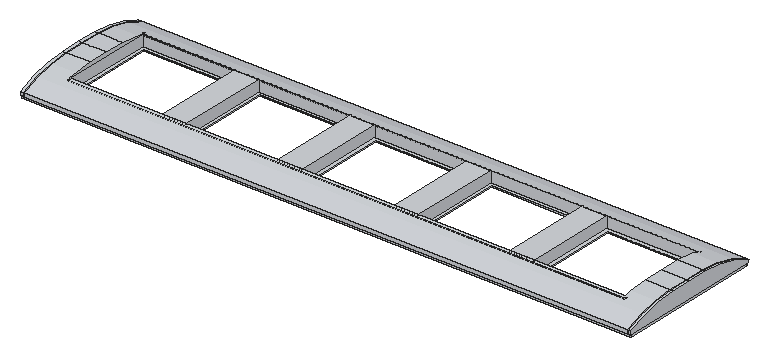
Revit family "Gira_021507", category Electrical Fixtures, host Face, Revit 2017
Family settings
  Host = Face
  Maintain Annotation Orientation = No
  Round Connector Dimension = Use Diameter
  Part Type = Normal
  Cut with Voids When Loaded = No
  Shared = No
  Room Calculation Point = No
Parameters (values of type "Cov.fr. 5-g interm.fr. AN Gira Event p.white m")
  With mounting grid = "No"
  With hinged lid = "No"
  URL = "http://katalog.gira.de/en/datenblatt.html?artikelnr=021507"
  Type of fastening = "Clamp mounting"
  Transparent = "No"
  Surface protection = "Other"
  Suitable for wall duct = "No"
  Suitable for flush-mounted installation = "Yes"
  Suitable for floor box = "No"
  Suitable for built-in installation = "No"
  Number of units vertical = "5"
  Number of units horizontal = "5"
  Number of units = "5"
  Name = "Cov.fr. 5-g interm.fr. AN Gira Event p.white m"
  Mounting direction = "Horizontal and vertical"
  Material quality = "Thermoplastic"
  Material = "Plastic"
  Manufacturer URL = "https://www.gira.de/"
  Manufacturer = "Gira"
  Label space/information surface = "No"
  Keynote = ""
  HeinzeBIM = "https://bimportal.heinze.de/bim/cov-fr-5-g-interm-fr-an-gira-event-p-white-m/8a9cef221fd6ada7a10d37450f2bd1069781d747"
  Halogen free = "Yes"
  HAN = "021507"
  GTIN = "4010337215073"
  Description = "Cov.fr.5g i.fr.AN Event PWm,Gira Event frames,pure white matt with anthracite intermediate frame,5-gang,Features:,- Shatter-proof."
  Degree of protection (IP) = "IP20"
  Default Elevation = 1219.2 mm
  Data sheet (1) = "https://katalog.gira.de/en/download.html?artikelnr=021507"
  Colour = "White"
  Category = "Cover frame for domestic switching devices"
  BIM (1) = "https://media.stage.bim.site/public/gira/36a6b08/Event_Rahmen_5fach.rfa"
  Available = "No"
Reference planes
  plane 1 "Center (Front/Back)": y = 0
  plane 2: z = 0
  plane 3 "Center (Left/Right)": x = 0
Forms (mm)
  Extrusion 1, solid, detail levels fine
    sketch origin (0, 0, 0.05) x (0, 1, 0) y (0, 0, 1)
      loop
        arc (12.445, 9.683) -> (6.223, 9.833) -> (0, 9.85) r 291.636
        arc (0, 9.85) -> (-6.223, 9.833) -> (-12.445, 9.683) r 291.636
        arc (-12.445, 9.683) -> (-29.14, 7.482) -> (-45, 1.823) r 79.728
        line (-45, 1.823) -> (-45, -0.05) -> (-42.086, -0.05)
        arc (-42.086, -0.05) -> (-21.385, 5.559) -> (0, 7.206) r 114.424
        arc (0, 7.206) -> (21.385, 5.559) -> (42.086, -0.05) r 114.424
        line (42.086, -0.05) -> (45, -0.05) -> (45, 1.823)
        arc (45, 1.823) -> (29.14, 7.482) -> (12.445, 9.683) r 79.728
    from -185.578 to 185.593
  Extrusion 2, void, detail levels fine
    sketch origin (0, 0, 0) x (1, 0, 0) y (0, 1, 0)
      loop
        line (170.607, 28) -> (-170.593, 28) -> (-170.593, -28) -> (170.607, -28) -> (170.607, 28)
    from 0.724 to 11
  Extrusion 3, solid, detail levels coarse
    sketch origin (0, 0, 0) x (1, 0, 0) y (0, 1, 0)
      loop
        line (-187.578, 45) -> (-187.578, -45) -> (187.593, -45) -> (187.593, 45) -> (-187.578, 45)
    from -1.5 to 9.9
  Extrusion 4, solid, detail levels medium
    sketch origin (0, 0, 0.05) x (0, 1, 0) y (0, 0, 1)
      loop
        arc (12.445, 9.683) -> (6.223, 9.833) -> (0, 9.85) r 291.636
        arc (0, 9.85) -> (-6.223, 9.833) -> (-12.445, 9.683) r 291.636
        arc (-12.445, 9.683) -> (-29.14, 7.482) -> (-45, 1.823) r 79.728
        line (-45, 1.823) -> (-45, -0.05) -> (45, -0.05) -> (45, 1.823)
        arc (45, 1.823) -> (29.14, 7.482) -> (12.445, 9.683) r 79.728
    from -187.578 to 187.593
  Extrusion 5, solid, detail levels fine
    sketch origin (-142.578, 0, -1.5) x (0, 1, 0) y (0, 0, -1)
      loop
        line (45, -3.373) -> (45, -1.5) -> (-45, -1.5) -> (-45, -3.373)
        arc (-45, -3.373) -> (-29.14, -9.032) -> (-12.445, -11.233) r 79.728
        arc (-12.445, -11.233) -> (-6.223, -11.383) -> (0, -11.4) r 291.636
        arc (0, -11.4) -> (6.223, -11.383) -> (12.445, -11.233) r 291.636
        arc (12.445, -11.233) -> (29.14, -9.032) -> (45, -3.373) r 79.728
    from 43 to 45
  Extrusion 6, solid, detail levels fine
    sketch origin (0, 0, 0) x (1, 0, 0) y (0, 1, 0)
      loop
        line (-168.493, 25.7) -> (-168.493, -25.7) -> (-116.693, -25.7) -> (-116.693, 25.7) -> (-168.493, 25.7)
      loop
        line (-45.398, -25.7) -> (-45.398, 25.7) -> (-97.198, 25.7) -> (-97.198, -25.7) -> (-45.398, -25.7)
      loop
        line (-171.487, 28.49) -> (-171.487, -28.495)
        spline (-171.487, -28.495) -> (-171.479, -28.625) -> (-171.453, -28.754) -> (-171.411, -28.878) -> (-171.353, -28.995) -> (-171.281, -29.104) -> (-171.194, -29.202) -> (-171.096, -29.288) -> (-170.987, -29.361) -> (-170.87, -29.419) -> (-170.746, -29.461) -> (-170.618, -29.486) -> (-170.487, -29.495)
        line (-170.487, -29.495) -> (170.502, -29.495)
        spline (170.502, -29.495) -> (170.633, -29.486) -> (170.761, -29.461) -> (170.885, -29.419) -> (171.002, -29.361) -> (171.111, -29.288) -> (171.209, -29.202) -> (171.296, -29.104) -> (171.368, -28.995) -> (171.426, -28.878) -> (171.468, -28.754) -> (171.494, -28.625) -> (171.502, -28.495)
        line (171.502, -28.495) -> (171.502, 28.49)
        spline (171.502, 28.49) -> (171.494, 28.62) -> (171.468, 28.748) -> (171.426, 28.872) -> (171.368, 28.99) -> (171.296, 29.098) -> (171.209, 29.197) -> (171.111, 29.283) -> (171.002, 29.356) -> (170.885, 29.413) -> (170.761, 29.456) -> (170.633, 29.481) -> (170.502, 29.49)
        line (170.502, 29.49) -> (-170.487, 29.49)
        spline (-170.487, 29.49) -> (-170.618, 29.481) -> (-170.746, 29.456) -> (-170.87, 29.413) -> (-170.987, 29.356) -> (-171.096, 29.283) -> (-171.194, 29.197) -> (-171.281, 29.098) -> (-171.353, 28.99) -> (-171.411, 28.872) -> (-171.453, 28.748) -> (-171.479, 28.62) -> (-171.487, 28.49)
      loop
        line (25.902, -25.7) -> (25.902, 25.7) -> (-25.898, 25.7) -> (-25.898, -25.7) -> (25.902, -25.7)
      loop
        line (97.207, -25.7) -> (97.207, 25.7) -> (45.407, 25.7) -> (45.407, -25.7) -> (97.207, -25.7)
      loop
        line (168.507, -25.7) -> (168.507, 25.7) -> (116.707, 25.7) -> (116.707, -25.7) -> (168.507, -25.7)
    from 0.1 to 7.3
  Extrusion 7, solid
    sketch origin (0, 0, 0) x (1, 0, 0) y (0, 1, 0)
      loop
        arc (-187.293, -44.218) -> (-187.146, -44.572) -> (-186.793, -44.718) r 0.5
        line (-186.793, -44.718) -> (186.807, -44.718)
        arc (186.807, -44.718) -> (187.161, -44.572) -> (187.307, -44.218) r 0.5
        line (187.307, -44.218) -> (187.307, 44.182)
        arc (187.307, 44.182) -> (187.161, 44.535) -> (186.807, 44.682) r 0.5
        line (186.807, 44.682) -> (-186.793, 44.682)
        arc (-186.793, 44.682) -> (-187.146, 44.535) -> (-187.293, 44.182) r 0.5
        line (-187.293, 44.182) -> (-187.293, -44.218)
      loop
        line (-185.593, 42.982) -> (-185.593, -43.018) -> (185.607, -43.018) -> (185.607, 42.982) -> (-185.593, 42.982)
    from -1.5 to 0.5
  Extrusion 8, solid, detail levels fine
    sketch origin (142.593, 0, -1.5) x (0, 1, 0) y (0, 0, 1)
      loop
        arc (45, 3.373) -> (29.14, 9.032) -> (12.445, 11.233) r 79.728
        arc (12.445, 11.233) -> (6.223, 11.383) -> (0, 11.4) r 291.636
        arc (0, 11.4) -> (-6.223, 11.383) -> (-12.445, 11.233) r 291.636
        arc (-12.445, 11.233) -> (-29.14, 9.032) -> (-45, 3.373) r 79.728
        line (-45, 3.373) -> (-45, 1.5) -> (45, 1.5) -> (45, 3.373)
    from 43 to 45
  Extrusion 9, solid, detail levels medium
    sketch origin (0, 0, 0) x (1, 0, 0) y (0, 1, 0)
      loop
        line (-187.293, -44.718) -> (187.307, -44.718) -> (187.307, 44.682) -> (-187.293, 44.682) -> (-187.293, -44.718)
    from -1.5 to 0.5
  Extrusion 10, solid, detail levels fine
    sketch origin (-105.5, 0, 0) x (1, 0, 0) y (0, 1, 0)
      loop
        line (-8.943, 28.063) -> (-8.943, -27.937) -> (6.057, -27.937) -> (6.057, 28.063) -> (-8.943, 28.063)
    from 0.724 to 7.566
  Extrusion 11, solid, detail levels fine
    sketch origin (-37.085, 0, 0) x (-1, 0, 0) y (0, -1, 0)
      loop
        line (-8.943, -28.063) -> (6.057, -28.063) -> (6.057, 27.937) -> (-8.943, 27.937) -> (-8.943, -28.063)
    from 0.724 to 7.566
  Extrusion 12, solid, detail levels fine
    sketch origin (105.5, 0, 0) x (-1, 0, 0) y (0, -1, 0)
      loop
        line (-8.943, -28.063) -> (6.057, -28.063) -> (6.057, 27.937) -> (-8.943, 27.937) -> (-8.943, -28.063)
    from 0.724 to 7.566
  Extrusion 13, solid, detail levels fine
    sketch origin (37.085, 0, 0) x (1, 0, 0) y (0, 1, 0)
      loop
        line (-8.943, 28.063) -> (-8.943, -27.937) -> (6.057, -27.937) -> (6.057, 28.063) -> (-8.943, 28.063)
    from 0.724 to 7.566
Cuts and joins
  Extrusion 2 cuts Extrusion 1
  Extrusion 2 cuts Extrusion 6
Dimensions and locks
  aligned and locked: plane 2 to host face
  aligned and locked: level to host face
